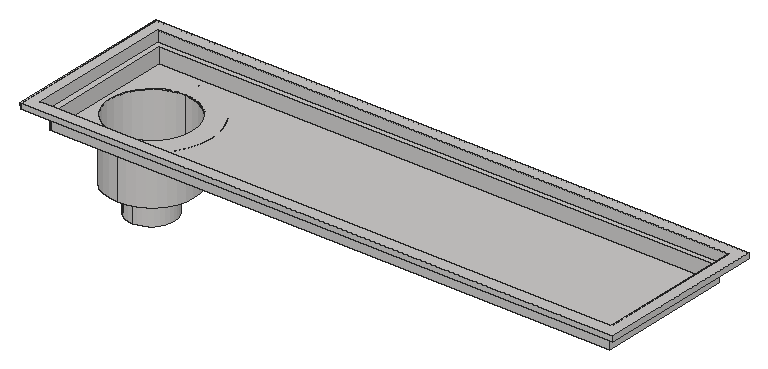
Revit family "QF_ZANUSSI_328054_FDA40140", category Attrezzature speciali, Revit 2020
Family settings
  Quota connettore circolare = Usa diametro
  Tipo di parte = Normale
  Basato su piano di lavoro = No
  Sempre verticale = Sì
  Taglio con vuoti quando caricato = No
  Condiviso = No
  Punto di calcolo locali = No
Parameters (values of type "Standard")
  Weight = 55.1156 lbm
  Watts = 0 W
  Volts = 0 V
  URL Manufacturer = "http://www.zanussiprofessional.com"
  URL = "http://www.zanussiprofessional.com"
  Steam Supply Size = 0"
  Steam Supply Minimum Pressure = 0.00 psi
  Steam Supply Maximum Pressure = 0.00 psi
  Steam Consumption per Hour = 0
  Refrigeration Suction Line Size = 0 mm
  Refrigeration Liquid Line Size = 0 mm
  Refrigerant Compressor Remote = yes
  Prospetto di default = 0 mm
  Phase = 0
  Modello = "FDA40140"
  Produttore = "Zanussi"
  Length Actual = 1400 mm  # constant formula
  Item Number = "328054"
  Hot Water Size = 0"
  Height Actual = 265 mm  # constant formula
  HP = "0 HP"
  Gas Size = 0"
  Gas KW = 0
  Gas Input Pressure = 0.0 Btu/h
  Direct Waste Size = 3.93701"
  Descrizione = "FLR.DRAIN+GRATE+S.SIPH-VERT.OUT.400X1400"
  Depth Actual = 400 mm  # constant formula
  Cycle = 0 Hz
  Condensate Return Size = 0"
  Compressed Air Volume = 0 GPM
  Compressed Air Size = 0"
  Compressed Air Pressure = 0.00 psi
  Cold Water Size = 0"
  Assembly Code = ""
  Accessory = yes
Reference planes
  plane 1: z = 0
  plane 2 "Center (Front/Back)": y = -102.225
  plane 3 "Center (Left/Right)": x = 9.791
  plane 4 "TOP": z = -265
  plane 5 "Back": y = 97.775
  plane 6 "Front": y = -302.225
  plane 7: x = -140.209
  plane 8: x = 159.791
  plane 9: x = 1259.791
Forms (mm)
  Revolve 1, solid, material "QF_Metal-Stainless-Polished"
    sketch origin (9.791, 0, 0) x (0, 1, 0) y (0, 0, 1)
      loop
        line (38.775, -62) -> (38.775, -60) -> (-4.225, -60) -> (-4.225, -198) -> (-49.225, -198) -> (-49.225, -265) -> (-47.225, -265) -> (-47.225, -200) -> (-2.225, -200) -> (-2.225, -62) -> (38.775, -62)
      axis (-102.225, -265) -> (-102.225, -60)
    angle from 0 to 360
  Sweep 2, solid, material "QF_Finishes_Stainless Steel"
    path origin (0, 0, 0) x (1, 0, 0) y (0, 1, 0)
      loop
        line (-140.209, 97.775) -> (-140.209, -302.225) -> (1259.791, -302.225) -> (1259.791, 97.775) -> (-140.209, 97.775)
    profile origin (559.791, 97.775, 0) x (0, 1, 0) y (0, 0, 1)
      loop
        line (0, -11.945) -> (0, 1) -> (-26, 1) -> (-26, -25) -> (-40, -25) -> (-40, -59) -> (-50, -59) -> (-50, -60) -> (-39, -60) -> (-39, -26) -> (-25, -26) -> (-25, 0.055) -> (-1, 0.055) -> (-1, -11.945) -> (0, -11.945)
  Extrusion 3, solid, material "QF_Finishes_Stainless Steel"
    sketch origin (0, 0, 0) x (1, 0, 0) y (0, 1, 0)
      loop
        line (-90.209, 47.775) -> (-90.209, -252.225) -> (1209.791, -252.225) -> (1209.791, 47.775) -> (-90.209, 47.775)
      loop
        circle (9.791, -102.225) r 98
    from -59 to -60
Cuts and joins
  joined: Sweep 2, Extrusion 3
Lines and regions (mm)
  symbolic lines
    curve 1: line (-140.209, 97.775, 0) -> (1259.791, 97.775, 0)
    curve 2: line (-140.209, -302.225, 0) -> (-140.209, 97.775, 0)
    curve 3: line (1259.791, -302.225, 0) -> (-140.209, -302.225, 0)
    curve 4: line (1259.791, 97.775, 0) -> (1259.791, -302.225, 0)
    curve 5: circle (9.791, -102.225, 0) r 115 normal (0, 0, 1)
    curve 18: circle (9.791, -102.225, 0) r 115 normal (0, 0, -1)
    curve 24: line (-114.209, 71.775, 0) -> (1233.791, 71.775, 0)
    curve 25: line (-114.209, -276.225, 0) -> (-114.209, 71.775, 0)
    curve 26: line (1233.791, -276.225, 0) -> (-114.209, -276.225, 0)
    curve 27: line (1233.791, 71.775, 0) -> (1233.791, -276.225, 0)
    curve 28: circle (9.791, -102.225, 0) r 53 normal (0, 0, 1)
  model lines
    curve 6: line (-100.209, 71.775, 0) -> (-100.209, -276.225, 0)
    curve 7: line (-80.209, 71.775, 0) -> (-80.209, -276.225, 0)
    curve 8: line (-60.209, 71.775, 0) -> (-60.209, -276.225, 0)
    curve 9: line (-40.209, 71.775, 0) -> (-40.209, -276.225, 0)
    curve 10: line (-20.209, 71.775, 0) -> (-20.209, -276.225, 0)
    curve 11: line (-0.209, 71.775, 0) -> (-0.209, -276.225, 0)
    curve 12: line (19.791, 71.775, 0) -> (19.791, -276.225, 0)
    curve 13: line (39.791, 71.775, 0) -> (39.791, -276.225, 0)
    curve 14: line (59.791, 71.775, 0) -> (59.791, -276.225, 0)
    curve 15: line (79.791, 71.775, 0) -> (79.791, -276.225, 0)
    curve 16: line (99.791, 71.775, 0) -> (99.791, -276.225, 0)
    curve 17: line (119.791, 71.775, 0) -> (119.791, -276.225, 0)
    curve 19: line (-114.209, -22.225, 0) -> (1233.791, -22.225, 0)
    curve 20: line (-114.209, -42.225, 0) -> (1233.791, -42.225, 0)
    curve 21: line (-114.209, -62.225, 0) -> (1233.791, -62.225, 0)
    curve 22: line (-114.209, -102.225, 0) -> (1233.791, -102.225, 0)
    curve 23: line (-114.209, -122.225, 0) -> (1233.791, -122.225, 0)
    curve 29: line (-114.209, 37.775, 0) -> (1233.791, 37.775, 0)
    curve 30: line (-114.209, 17.775, 0) -> (1233.791, 17.775, 0)
    curve 31: line (-114.209, -2.225, 0) -> (1233.791, -2.225, 0)
    curve 32: line (-114.209, -202.225, 0) -> (1233.791, -202.225, 0)
    curve 33: line (-114.209, -182.225, 0) -> (1233.791, -182.225, 0)
    curve 34: line (-114.209, -162.225, 0) -> (1233.791, -162.225, 0)
    curve 35: line (-114.209, -142.225, 0) -> (1233.791, -142.225, 0)
    curve 36: line (-114.209, -262.225, 0) -> (1233.791, -262.225, 0)
    curve 37: line (-114.209, -242.225, 0) -> (1233.791, -242.225, 0)
    curve 38: line (-114.209, -222.225, 0) -> (1233.791, -222.225, 0)
    curve 39: line (-114.209, 57.775, 0) -> (1233.791, 57.775, 0)
    curve 40: line (139.791, 71.775, 0) -> (139.791, -276.225, 0)
    curve 41: line (159.791, 71.775, 0) -> (159.791, -276.225, 0)
    curve 42: line (179.791, 71.775, 0) -> (179.791, -276.225, 0)
    curve 43: line (199.791, 71.775, 0) -> (199.791, -276.225, 0)
    curve 44: line (219.791, 71.775, 0) -> (219.791, -276.225, 0)
    curve 45: line (239.791, 71.775, 0) -> (239.791, -276.225, 0)
    curve 46: line (259.791, 71.775, 0) -> (259.791, -276.225, 0)
    curve 47: line (279.791, 71.775, 0) -> (279.791, -276.225, 0)
    curve 48: line (299.791, 71.775, 0) -> (299.791, -276.225, 0)
    curve 49: line (319.791, 71.775, 0) -> (319.791, -276.225, 0)
    curve 50: line (339.791, 71.775, 0) -> (339.791, -276.225, 0)
    curve 51: line (359.791, 71.775, 0) -> (359.791, -276.225, 0)
    curve 52: line (379.791, 71.775, 0) -> (379.791, -276.225, 0)
    curve 53: line (399.791, 71.775, 0) -> (399.791, -276.225, 0)
    curve 54: line (419.791, 71.775, 0) -> (419.791, -276.225, 0)
    curve 55: line (439.791, 71.775, 0) -> (439.791, -276.225, 0)
    curve 56: line (459.791, 71.775, 0) -> (459.791, -276.225, 0)
    curve 57: line (479.791, 71.775, 0) -> (479.791, -276.225, 0)
    curve 58: line (499.791, 71.775, 0) -> (499.791, -276.225, 0)
    curve 59: line (519.791, 71.775, 0) -> (519.791, -276.225, 0)
    curve 60: line (539.791, 71.775, 0) -> (539.791, -276.225, 0)
    curve 61: line (559.791, 71.775, 0) -> (559.791, -276.225, 0)
    curve 62: line (579.791, 71.775, 0) -> (579.791, -276.225, 0)
    curve 63: line (599.791, 71.775, 0) -> (599.791, -276.225, 0)
    curve 64: line (619.791, 71.775, 0) -> (619.791, -276.225, 0)
    curve 65: line (639.791, 71.775, 0) -> (639.791, -276.225, 0)
    curve 66: line (659.791, 71.775, 0) -> (659.791, -276.225, 0)
    curve 67: line (679.791, 71.775, 0) -> (679.791, -276.225, 0)
    curve 68: line (699.791, 71.775, 0) -> (699.791, -276.225, 0)
    curve 69: line (719.791, 71.775, 0) -> (719.791, -276.225, 0)
    curve 70: line (739.791, 71.775, 0) -> (739.791, -276.225, 0)
    curve 71: line (759.791, 71.775, 0) -> (759.791, -276.225, 0)
    curve 72: line (-114.209, -82.225, 0) -> (1233.791, -82.225, 0)
    curve 73: line (779.791, 71.775, 0) -> (779.791, -276.225, 0)
    curve 74: line (799.791, 71.775, 0) -> (799.791, -276.225, 0)
    curve 75: line (819.791, 71.775, 0) -> (819.791, -276.225, 0)
    curve 76: line (839.791, 71.775, 0) -> (839.791, -276.225, 0)
    curve 77: line (859.791, 71.775, 0) -> (859.791, -276.225, 0)
    curve 78: line (879.791, 71.775, 0) -> (879.791, -276.225, 0)
    curve 79: line (899.791, 71.775, 0) -> (899.791, -276.225, 0)
    curve 80: line (919.791, 71.775, 0) -> (919.791, -276.225, 0)
    curve 81: line (939.791, 71.775, 0) -> (939.791, -276.225, 0)
    curve 82: line (959.791, 71.775, 0) -> (959.791, -276.225, 0)
    curve 83: line (979.791, 71.775, 0) -> (979.791, -276.225, 0)
    curve 84: line (999.791, 71.775, 0) -> (999.791, -276.225, 0)
    curve 85: line (1019.791, 71.775, 0) -> (1019.791, -276.225, 0)
    curve 86: line (1039.791, 71.775, 0) -> (1039.791, -276.225, 0)
    curve 87: line (1059.791, 71.775, 0) -> (1059.791, -276.225, 0)
    curve 88: line (1079.791, 71.775, 0) -> (1079.791, -276.225, 0)
    curve 89: line (1099.791, 71.775, 0) -> (1099.791, -276.225, 0)
    curve 90: line (1119.791, 71.775, 0) -> (1119.791, -276.225, 0)
    curve 91: line (1139.791, 71.775, 0) -> (1139.791, -276.225, 0)
    curve 92: line (1159.791, 71.775, 0) -> (1159.791, -276.225, 0)
    curve 93: line (1179.791, 71.775, 0) -> (1179.791, -276.225, 0)
    curve 94: line (1199.791, 71.775, 0) -> (1199.791, -276.225, 0)
    curve 95: line (1219.791, 71.775, 0) -> (1219.791, -276.225, 0)
Dimensions and locks
  equal spacing: plane 8, plane 3 "Center (Left/Right)", plane 7
  level to plane 4 "TOP" = 265 mm
  locked: Revolve 1 sketch curve to Revolve 1 sketch curve at 141
  locked: Revolve 1 sketch curve to Revolve 1 sketch curve at 100
  locked: Revolve 1 sketch curve to Revolve 1 sketch curve at 55
  locked: plane 8 to plane 7 at 300
  equal spacing: plane 6 "Front", plane 2 "Center (Front/Back)", plane 5 "Back"
  locked: plane 6 "Front" to plane 5 "Back" at 400
  locked: plane 7 to plane 9 at 1400
  aligned and locked: level to plane 1
  aligned and locked: Sweep 2 sketch curve to plane 9
  aligned and locked: curve 4 to plane 9
Automatic sketch dimensions
  Revolve 1 sketch curve to plane 2 "Center (Front/Back)" = 0 mm
  plane 4 "TOP" to Revolve 1 sketch curve = 65 mm
  Revolve 1 sketch curve to level = 62 mm
  Revolve 1 sketch curve to Revolve 1 sketch curve = 2 mm  (x4)
  Revolve 1 sketch curve to plane 4 "TOP" = 344.6 mm
  level to Revolve 1 sketch curve = 2466.13 mm
  plane 6 "Front" to Sweep 2 sketch curve = 0 mm
  Sweep 2 sketch curve to plane 7 = 0 mm
  plane 5 "Back" to Sweep 2 sketch curve = 0 mm
  level to Sweep 2 sketch curve = 1 mm
  Sweep 2 sketch curve to profile plane = 0 mm
  profile plane to Sweep 2 sketch curve = 1 mm
  profile plane to Sweep 2 sketch curve = 25 mm
  Sweep 2 sketch curve to Sweep 2 sketch curve = 1 mm  (x4)
  Sweep 2 sketch curve to Sweep 2 sketch curve = 14 mm
  level to Sweep 2 sketch curve = 0.055 mm
  Sweep 2 sketch curve to Sweep 2 sketch curve = 12 mm
  Sweep 2 sketch curve to level = 25 mm
  Sweep 2 sketch curve to Sweep 2 sketch curve = 33 mm
  Sweep 2 sketch curve to Sweep 2 sketch curve = 10 mm
  Revolve 1 sketch curve to plane 4 "TOP" = 0 mm
  Extrusion 3 sketch curve to plane 2 "Center (Front/Back)" = 0 mm
  Extrusion 3 sketch curve to plane 3 "Center (Left/Right)" = 0 mm
  plane 7 to Extrusion 3 sketch curve = 50 mm
  Extrusion 3 sketch curve to plane 9 = 50 mm
  Extrusion 3 sketch curve to plane 6 "Front" = 50 mm
  plane 5 "Back" to Extrusion 3 sketch curve = 50 mm
  curve 5 to curve 18 = 0 mm  (x2)
  curve 5 to curve 28 = 0 mm  (x2)
  curve 18 to curve 28 = 0 mm  (x2)
  plane 6 "Front" to curve 3 = 0 mm
  curve 3 to plane 7 = 0 mm
  curve 22 to plane 2 "Center (Front/Back)" = 0 mm
  curve 5 to plane 2 "Center (Front/Back)" = 0 mm
  curve 5 to plane 3 "Center (Left/Right)" = 0 mm
  curve 41 to plane 8 = 0 mm
  plane 5 "Back" to curve 2 = 0 mm
  plane 7 to curve 26 = 26 mm
  curve 24 to plane 9 = 26 mm
  curve 25 to plane 6 "Front" = 26 mm
  plane 5 "Back" to curve 27 = 26 mm
  curve 24 to curve 6 = 14 mm
  curve 6 to curve 7 = 20 mm
  curve 7 to curve 8 = 20 mm
  curve 8 to curve 9 = 20 mm
  curve 9 to curve 10 = 20 mm
  curve 11 to plane 3 "Center (Left/Right)" = 10 mm
  plane 3 "Center (Left/Right)" to curve 12 = 10 mm
  curve 12 to curve 13 = 20 mm
  curve 13 to curve 14 = 20 mm
  curve 14 to curve 15 = 20 mm
  curve 15 to curve 16 = 20 mm
  curve 16 to curve 17 = 20 mm
  curve 40 to plane 8 = 20 mm
  curve 41 to curve 42 = 20 mm
  curve 42 to curve 43 = 20 mm
  curve 43 to curve 44 = 20 mm
  curve 44 to curve 45 = 20 mm
  curve 45 to curve 46 = 20 mm
  curve 46 to curve 47 = 20 mm
  curve 47 to curve 48 = 20 mm
  curve 48 to curve 49 = 20 mm
  curve 49 to curve 50 = 20 mm
  curve 50 to curve 51 = 20 mm
  curve 51 to curve 52 = 20 mm
  curve 52 to curve 53 = 20 mm
  curve 53 to curve 54 = 20 mm
  curve 54 to curve 55 = 20 mm
  curve 55 to curve 56 = 20 mm
  curve 56 to curve 57 = 20 mm
  curve 57 to curve 58 = 20 mm
  curve 58 to curve 59 = 20 mm
  curve 59 to curve 60 = 20 mm
  curve 60 to curve 61 = 20 mm
  curve 61 to curve 62 = 20 mm
  curve 62 to curve 63 = 20 mm
  curve 63 to curve 64 = 20 mm
  curve 64 to curve 65 = 20 mm
  curve 65 to curve 66 = 20 mm
  curve 66 to curve 67 = 20 mm
  curve 67 to curve 68 = 20 mm
  curve 68 to curve 69 = 20 mm
  curve 69 to curve 70 = 20 mm
  curve 70 to curve 71 = 20 mm
  curve 71 to curve 73 = 20 mm
  curve 73 to curve 74 = 20 mm
  curve 74 to curve 75 = 20 mm
  curve 75 to curve 76 = 20 mm
  curve 76 to curve 77 = 20 mm
  curve 77 to curve 78 = 20 mm
  curve 78 to curve 79 = 20 mm
  curve 79 to curve 80 = 20 mm
  curve 80 to curve 81 = 20 mm
  curve 81 to curve 82 = 20 mm
  curve 82 to curve 83 = 20 mm
  curve 83 to curve 84 = 20 mm
  curve 84 to curve 85 = 20 mm
  curve 85 to curve 86 = 20 mm
  curve 86 to curve 87 = 20 mm
  curve 87 to curve 88 = 20 mm
  curve 88 to curve 89 = 20 mm
  curve 89 to curve 90 = 20 mm
  curve 90 to curve 91 = 20 mm
  curve 91 to curve 92 = 20 mm
  curve 92 to curve 93 = 20 mm
  curve 93 to curve 94 = 20 mm
  curve 95 to curve 24 = 14 mm
  curve 25 to curve 36 = 14 mm
  curve 36 to curve 37 = 20 mm
  curve 37 to curve 38 = 20 mm
  curve 38 to curve 32 = 20 mm
  curve 32 to curve 33 = 20 mm
  curve 33 to curve 34 = 20 mm
  curve 34 to curve 35 = 20 mm
  curve 23 to curve 22 = 20 mm
  plane 2 "Center (Front/Back)" to curve 72 = 20 mm
  curve 72 to curve 21 = 20 mm
  curve 21 to curve 20 = 20 mm
  curve 20 to curve 19 = 20 mm
  curve 19 to curve 31 = 20 mm
  curve 31 to curve 30 = 20 mm
  curve 30 to curve 29 = 20 mm
  curve 39 to curve 24 = 14 mm
  radius of Extrusion 3 sketch curve = 98 mm
  radius of curve 5 = 115 mm
  radius of curve 18 = 115 mm
  radius of curve 28 = 53 mm
Connectors
  piping at (9.791, -102.225, -265), diameter 100, driven by "Direct Waste Size"
    settings: on Revolve 1, index 1, connector inside diameter 24", connector length 0 mm, flow factor 0, pipe flow 0 GPM, pressure drop 0.00 psi, fitting loss kfactor 0, connector angle 0.00°, fixture units 0, engagement length 0 mm, angle of deflection 0.00°, flow configuration 1, flow direction 2, fitting loss method 0, system type 16, joint type 0, gender type 0, connector reference index -1, connector utility 0, adjustable connector no, is connector primary yes, connector description "Drain"
